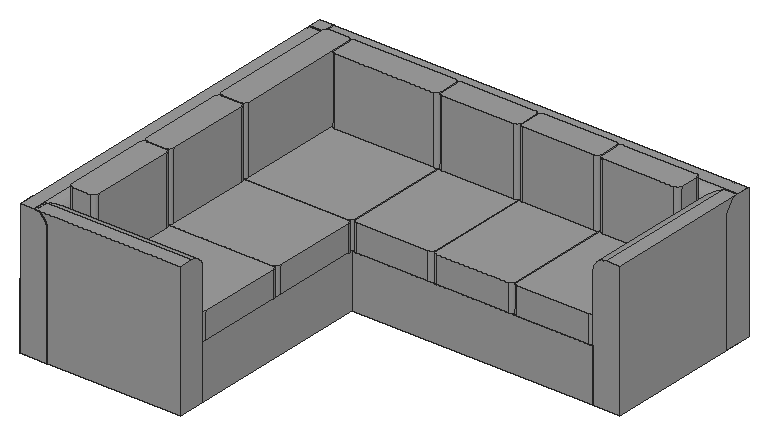
Revit family "Mansfield_Sectional_8002", category Мебель, Revit 2017
Family settings
  На основе рабочей плоскости = Нет
  Всегда вертикально = Да
  При загрузке вырезать с полостями = Нет
  Общий = Нет
  Точка расчета площади = Нет
Reference planes (in)
  plane 1 "Center F/B": y = 0
  plane 2: z = 0
  plane 3 "Center L/R": x = 0
  plane 4: x = -48
  plane 5: x = 48
  plane 6: y = 36
  plane 7: x = -42
  plane 8: x = 42
  plane 9: y = 30
  plane 10: x = -48
  plane 11: z = 30
  plane 12: x = 48
  plane 13: y = -48
  plane 14: y = -48
  plane 15: z = 30
  plane 16: x = -48
  plane 17: x = -12
  plane 18: y = -48
  plane 19: y = 48
  plane 20: x = -48
  plane 21: y = -42
  plane 22: y = 42
  plane 23: x = -42
  plane 24: y = -42
  plane 25: y = -21
  plane 26: x = -12
  plane 27: x = 6
  plane 28: x = 24
  plane 29: x = 42
Forms (in)
  Extrusion 1, solid, material "Fabric"
    sketch origin (0, 0, 0) x (1, 0, 0) y (0, 1, 0)
      loop
        line (-42, 0) -> (42, 0) -> (42, 30) -> (-42, 30) -> (-42, 0)
    from 0 to 12
  Extrusion 2, solid, material "Fabric"
    sketch origin (0, 0, 0) x (-1, 0, 0) y (0, 0, -1)
      loop
        line (-48, 0) -> (-48, -30) -> (-45, -30)
        arc (-45, -30) -> (-42.87868, -29.12132) -> (-42, -27) r 3
        line (-42, -27) -> (-42, 0) -> (-48, 0)
    from 0 to -36
  Extrusion 3, solid, material "Fabric"
    sketch origin (0, 0, 0) x (0, 1, 0) y (0, 0, 1)
      loop
        line (36, 0) -> (36, 30) -> (33.03439, 30)
        arc (33.03439, 30) -> (30.91307, 29.12132) -> (30.03439, 27) r 3
        line (30.03439, 27) -> (30.03439, 0) -> (36, 0)
    from 48 to -48
  Extrusion 4, solid, material "Fabric"
    sketch origin (-12, 0, 0) x (0, 1, 0) y (0, 0, 1)
      loop
        line (-48, 0) -> (-42, 0) -> (-42, 27)
        arc (-42, 27) -> (-42.87868, 29.12132) -> (-45, 30) r 3
        line (-45, 30) -> (-48, 30) -> (-48, 0)
    from 0 to -36
  Extrusion 5, solid, material "Fabric"
    sketch origin (-11.96561, -18, 0) x (-1, 0, 0) y (0, 0, 1)
      loop
        line (36, 0) -> (36, 30) -> (33.03439, 30)
        arc (33.03439, 30) -> (30.91307, 29.12132) -> (30.03439, 27) r 3
        line (30.03439, 27) -> (30.03439, 0) -> (36, 0)
    from 54 to -30
  Extrusion 6, solid, material "Fabric"
    sketch origin (-12, 0, 0) x (0, 1, 0) y (-1, 0, 0)
      loop
        line (-42, 0) -> (0, 0) -> (0, 30) -> (-42, 30) -> (-42, 0)
    from 0 to 12
  Extrusion 7, solid, material "Fabric"
    sketch origin (0, 0, 0) x (1, 0, 0) y (0, 1, 0)
      loop
        line (-13, -21) -> (-41, -21)
        arc (-41, -21) -> (-41.70711, -21.29289) -> (-42, -22) r 1
        line (-42, -22) -> (-42, -41)
        arc (-42, -41) -> (-41.70711, -41.70711) -> (-41, -42) r 1
        line (-41, -42) -> (-13, -42)
        arc (-13, -42) -> (-12.29289, -41.70711) -> (-12, -41) r 1
        line (-12, -41) -> (-12, -22)
        arc (-12, -22) -> (-12.29289, -21.29289) -> (-13, -21) r 1
    from 12 to 18
  Extrusion 8, solid, material "Fabric"
    sketch origin (0, 21, 0) x (1, 0, 0) y (0, 1, 0)
      loop
        line (-13, -21) -> (-41, -21)
        arc (-41, -21) -> (-41.70711, -21.29289) -> (-42, -22) r 1
        line (-42, -22) -> (-42, -41)
        arc (-42, -41) -> (-41.70711, -41.70711) -> (-41, -42) r 1
        line (-41, -42) -> (-13, -42)
        arc (-13, -42) -> (-12.29289, -41.70711) -> (-12, -41) r 1
        line (-12, -41) -> (-12, -22)
        arc (-12, -22) -> (-12.29289, -21.29289) -> (-13, -21) r 1
    from 12 to 18
  Extrusion 9, solid, material "Fabric"
    sketch origin (0, 0, 0) x (1, 0, 0) y (0, 1, 0)
      loop
        line (25, 0) -> (41, 0)
        arc (41, 0) -> (41.70711, 0.29289) -> (42, 1) r 1
        line (42, 1) -> (42, 29)
        arc (42, 29) -> (41.70711, 29.70711) -> (41, 30) r 1
        line (41, 30) -> (25, 30)
        arc (25, 30) -> (24.29289, 29.70711) -> (24, 29) r 1
        line (24, 29) -> (24, 1)
        arc (24, 1) -> (24.29289, 0.29289) -> (25, 0) r 1
    from 12 to 18
  Extrusion 10, solid, material "Fabric"
    sketch origin (-18, 0, 0) x (1, 0, 0) y (0, 1, 0)
      loop
        line (25, 0) -> (41, 0)
        arc (41, 0) -> (41.70711, 0.29289) -> (42, 1) r 1
        line (42, 1) -> (42, 29)
        arc (42, 29) -> (41.70711, 29.70711) -> (41, 30) r 1
        line (41, 30) -> (25, 30)
        arc (25, 30) -> (24.29289, 29.70711) -> (24, 29) r 1
        line (24, 29) -> (24, 1)
        arc (24, 1) -> (24.29289, 0.29289) -> (25, 0) r 1
    from 12 to 18
  Extrusion 11, solid, material "Fabric"
    sketch origin (-36, 0, 0) x (1, 0, 0) y (0, 1, 0)
      loop
        line (25, 0) -> (41, 0)
        arc (41, 0) -> (41.70711, 0.29289) -> (42, 1) r 1
        line (42, 1) -> (42, 29)
        arc (42, 29) -> (41.70711, 29.70711) -> (41, 30) r 1
        line (41, 30) -> (25, 30)
        arc (25, 30) -> (24.29289, 29.70711) -> (24, 29) r 1
        line (24, 29) -> (24, 1)
        arc (24, 1) -> (24.29289, 0.29289) -> (25, 0) r 1
    from 12 to 18
  Extrusion 12, solid, material "Fabric"
    sketch origin (0, 0, 0) x (1, 0, 0) y (0, 1, 0)
      loop
        line (-41, 0) -> (-13, 0)
        arc (-13, 0) -> (-12.29289, 0.29289) -> (-12, 1) r 1
        line (-12, 1) -> (-12, 29)
        arc (-12, 29) -> (-12.29289, 29.70711) -> (-13, 30) r 1
        line (-13, 30) -> (-41, 30)
        arc (-41, 30) -> (-41.70711, 29.70711) -> (-42, 29) r 1
        line (-42, 29) -> (-42, 1)
        arc (-42, 1) -> (-41.70711, 0.29289) -> (-41, 0) r 1
    from 12 to 18
  Extrusion 13, solid, material "Fabric"
    sketch origin (0, 21, 0) x (1, 0, 0) y (0, 1, 0)
      loop
        line (-41, -42) -> (-37, -42)
        arc (-37, -42) -> (-36.29289, -41.70711) -> (-36, -41) r 1
        line (-36, -41) -> (-36, -22)
        arc (-36, -22) -> (-36.29289, -21.29289) -> (-37, -21) r 1
        line (-37, -21) -> (-41, -21)
        arc (-41, -21) -> (-41.70711, -21.29289) -> (-42, -22) r 1
        line (-42, -22) -> (-42, -41)
        arc (-42, -41) -> (-41.70711, -41.70711) -> (-41, -42) r 1
    from 18 to 33
  Extrusion 14, solid, material "Fabric"
    sketch origin (0, 0, 0) x (1, 0, 0) y (0, 1, 0)
      loop
        line (-41, 0) -> (-37, 0)
        arc (-37, 0) -> (-36.29289, 0.29289) -> (-36, 1) r 1
        line (-36, 1) -> (-36, 29)
        arc (-36, 29) -> (-36.29289, 29.70711) -> (-37, 30) r 1
        line (-37, 30) -> (-41, 30)
        arc (-41, 30) -> (-41.70711, 29.70711) -> (-42, 29) r 1
        line (-42, 29) -> (-42, 1)
        arc (-42, 1) -> (-41.70711, 0.29289) -> (-41, 0) r 1
    from 18 to 33
  Extrusion 15, solid, material "Fabric"
    sketch origin (0, 0, 0) x (1, 0, 0) y (0, 1, 0)
      loop
        line (-35, 24) -> (-13, 24)
        arc (-13, 24) -> (-12.29289, 24.29289) -> (-12, 25) r 1
        line (-12, 25) -> (-12, 29)
        arc (-12, 29) -> (-12.29289, 29.70711) -> (-13, 30) r 1
        line (-13, 30) -> (-35, 30)
        arc (-35, 30) -> (-35.70711, 29.70711) -> (-36, 29) r 1
        line (-36, 29) -> (-36, 25)
        arc (-36, 25) -> (-35.70711, 24.29289) -> (-35, 24) r 1
    from 18 to 33
  Extrusion 16, solid, material "Fabric"
    sketch origin (0, 0, 0) x (1, 0, 0) y (0, 1, 0)
      loop
        line (-41, -42) -> (-37, -42)
        arc (-37, -42) -> (-36.29289, -41.70711) -> (-36, -41) r 1
        line (-36, -41) -> (-36, -22)
        arc (-36, -22) -> (-36.29289, -21.29289) -> (-37, -21) r 1
        line (-37, -21) -> (-41, -21)
        arc (-41, -21) -> (-41.70711, -21.29289) -> (-42, -22) r 1
        line (-42, -22) -> (-42, -41)
        arc (-42, -41) -> (-41.70711, -41.70711) -> (-41, -42) r 1
    from 18 to 33
  Extrusion 17, solid, material "Fabric"
    sketch origin (0, 0, 0) x (1, 0, 0) y (0, 1, 0)
      loop
        arc (-11, 30) -> (-11.70711, 29.70711) -> (-12, 29) r 1
        line (-12, 29) -> (-12, 25)
        arc (-12, 25) -> (-11.70711, 24.29289) -> (-11, 24) r 1
        line (-11, 24) -> (5, 24)
        arc (5, 24) -> (5.70711, 24.29289) -> (6, 25) r 1
        line (6, 25) -> (6, 29)
        arc (6, 29) -> (5.70711, 29.70711) -> (5, 30) r 1
        line (5, 30) -> (-11, 30)
    from 18 to 33
  Extrusion 18, solid, material "Fabric"
    sketch origin (18, 0, 0) x (1, 0, 0) y (0, 1, 0)
      loop
        arc (-11, 30) -> (-11.70711, 29.70711) -> (-12, 29) r 1
        line (-12, 29) -> (-12, 25)
        arc (-12, 25) -> (-11.70711, 24.29289) -> (-11, 24) r 1
        line (-11, 24) -> (5, 24)
        arc (5, 24) -> (5.70711, 24.29289) -> (6, 25) r 1
        line (6, 25) -> (6, 29)
        arc (6, 29) -> (5.70711, 29.70711) -> (5, 30) r 1
        line (5, 30) -> (-11, 30)
    from 18 to 33
  Extrusion 19, solid, material "Fabric"
    sketch origin (36, 0, 0) x (1, 0, 0) y (0, 1, 0)
      loop
        arc (-11, 30) -> (-11.70711, 29.70711) -> (-12, 29) r 1
        line (-12, 29) -> (-12, 25)
        arc (-12, 25) -> (-11.70711, 24.29289) -> (-11, 24) r 1
        line (-11, 24) -> (5, 24)
        arc (5, 24) -> (5.70711, 24.29289) -> (6, 25) r 1
        line (6, 25) -> (6, 29)
        arc (6, 29) -> (5.70711, 29.70711) -> (5, 30) r 1
        line (5, 30) -> (-11, 30)
    from 18 to 33
Dimensions and locks (in)
  equal spacing: plane 24, plane 25, plane 1 "Center F/B"
  equal spacing: plane 26, plane 27, plane 28, plane 29
